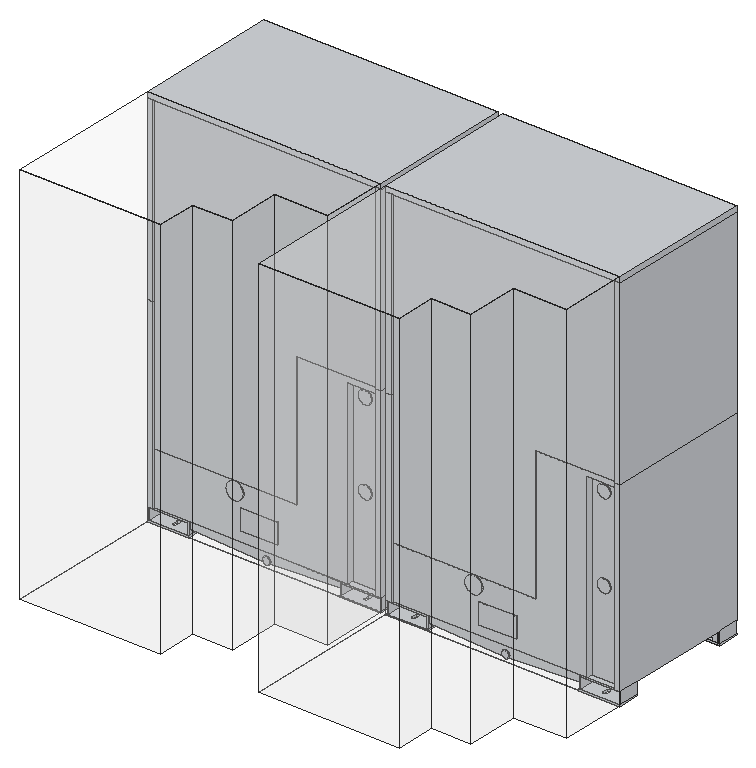
Revit family "pqry-p224_1000(s)dmg5_60Hz", category 機械設備, Revit 2019
Family settings
  丸型コネクタ寸法 = 直径を使用
  パーツ タイプ = 標準
  OmniClass 番号 = 23.75.10.24.21.27.27
  OmniClass タイトル = Split System Air Conditioning Units
  作業面ベース = いいえ
  常に垂直 = はい
  ロード時にボイドで切り取り = いいえ
  共有 = いいえ
  部屋計算ポイント = いいえ
Parameters (values of type "PQRY-P900SDMG5")
  音響パワーレベル(dB) = 70.5
  電源種別 = ""
  電源径 = 65.00 mm  # constant formula
  電圧 = 200 V
  電動機出力_送風機 = 0 kW
  電動機出力_圧縮機 = 20.4 kW
  集中コントローラ [instance] = ""
  運転質量 = 528.00 kg
  運転方法 = "冷暖切替"
  質量 = 0.00 kg
  負荷分類 = 1_熱源類
  説明 = "ビル用マルチエアコン 室外ユニット シティマルチWR2 Eeco"
  設計暖房能力 [instance] = 0 kW
  設計冷房能力_顕熱 [instance] = 0 kW
  設計冷房能力 [instance] = 0 kW
  設置方法 = "床置形"
  記号 [instance] = ""
  製造元 = "三菱電機株式会社"
  製品質量 = 508.00 kg
  製品出荷対象 = "国内"
  製品リリース年月 = "2017年8月1日"
  製品グループ = ""
  系統 [instance] = ""
  符号 = "EHP"
  積算_科目 = "1 空気調和設備"
  積算_拾い区分 [instance] = ""
  相 = 3
  盤記号 [instance] = ""
  発停方法 = "付属スイッチ"
  特殊仕様 [instance] = ""
  熱源水量 = 23.04 m³/h
  熱源水管径 = 40.00 mm
  熱源水入口温度_暖房 = 30
  熱源水入口温度_冷房 = 20
  消費電力_暖房 = 22.07 kW
  消費電力_冷房 = 21.07 kW
  消費電力 = if(消費電力_冷房 > 消費電力_暖房, 消費電力_冷房, 消費電力_暖房)  # 22.07 kW
  法定耐用年数 = "15"
  水配管出口径 = 水配管入口径  # 48.60 mm
  水配管入口径 = 48.60 mm  # constant formula
  水熱交換機器　保有水量 = 20
  機械基礎質量 [instance] = 0.00 kg
  機械基礎_W = 0.00 mm
  機械基礎_H = 0.00 mm
  機械基礎_D = 0.00 mm
  機械基礎 [instance] = no
  極数 = 3
  材質 [instance] = ""
  本体マテリアル = none
  最小電線太さ_mm2 = 60
  最大電流値 = 0 A
  暖房能力 = 100 kW
  損失水頭_熱源水一次側 = 90000.0 Pa
  推奨ブレーカー容量 = 0 A
  形式 = "マルチパッケージ形 室外機"
  冷媒液管径 = 28.58 mm
  冷媒ガス管径 = 31.75 mm
  ユニット2 = PQRY-P-DMG② : PQRY-P450DMG5
  幹線記号 [instance] = ""
  始動方式 = "直入"
  呼称 = "マルチパッケージ形空気調和機"
  周波数 = 60 Hz
  参照している仕様書等のバージョン = "公共建築工事標準仕様書（機械設備工事編）平成31年度版"
  分類コード = "50053003300020"
  分類グループ = ""
  冷房能力 = 90 kW
  冷媒管長 [instance] = 0.00 mm
  冷媒管径符号 = "Hi"
  冷媒管径 = 100.00 mm  # constant formula
  価格 = 0
  企業コード = "108420"
  付属品 [instance] = ""
  仕様書バージョン = "Version1.0"
  ユニット数 = 2
  ユニット2電源高さ = ユニット1電源高さ  # 216.00 mm
  ユニット2電源幅 = ユニット1電源幅  # 554.00 mm
  ユニット2ダクト左位置 = ユニット1ダクト左位置  # 393.00 mm
  ユニット2ダクト下位置 = ユニット1ダクト下位置  # 89.00 mm
  ユニット2水配管出口高さ = ユニット1水配管出口高さ  # 320.00 mm
  ユニット2水配管出口幅 = ユニット1水配管出口幅  # 82.00 mm
  ユニット2水配管入口高さ = ユニット1水配管入口高さ  # 367.00 mm
  ユニット2水配管入口幅 = ユニット1水配管入口幅  # 82.00 mm
  ユニット2冷媒高圧径 = 22.20 mm
  ユニット2冷媒管高さ = ユニット1冷媒管高さ  # 278.00 mm
  ユニット2冷媒管幅 = ユニット1冷媒管幅  # 467.50 mm
  ユニット2冷媒管奥行き = ユニット1冷媒管奥行き  # 84.00 mm
  ユニット2冷媒低圧径 = 28.58 mm
  ユニット2ドレン高さ = ユニット1ドレン高さ  # 23.00 mm
  ユニット2ドレン幅 = ユニット1ドレン幅  # 434.00 mm
  ユニット2表示 = yes
  ユニット1 = PQRY-P-DMG② : PQRY-P450DMG5
  ユニット1電源高さ = 216.00 mm
  ユニット1電源幅 = 554.00 mm
  ユニット1ダクト左位置 = 393.00 mm
  ユニット1ダクト下位置 = 89.00 mm  # constant formula
  ユニット1水配管出口高さ = 320.00 mm
  ユニット1水配管出口幅 = ユニット1水配管入口幅  # 82.00 mm
  ユニット1水配管入口高さ = 367.00 mm
  ユニット1水配管入口幅 = 82.00 mm
  ユニット1冷媒高圧径 = 22.20 mm
  ユニット1冷媒管高さ = 278.00 mm
  ユニット1冷媒管幅 = 467.50 mm
  ユニット1冷媒管奥行き = 84.00 mm
  ユニット1冷媒低圧径 = 28.58 mm
  ユニット1ドレン高さ = 23.00 mm  # constant formula
  ユニット1ドレン幅 = 434.00 mm
  モデル = "PQRY-P900SDMG5"
  ドレン管径 = 27.20 mm  # constant formula
  ダクト高 = 77 mm  # constant formula
  ダクト幅 = 140 mm  # constant formula
  サービススペース = yes
  ユニット間隔 = 20.00 mm  # constant formula
  コメント [instance] = ""
  Keynote = ""
  Width = 880.00 mm
  Version = ""
  Uniclass2015Version = "Systems v1.9"
  Uniclass2015Title = "Split coil remote air cooled condensing units"
  Uniclass2015Code = "Pr_70_65_03_84"
  URL = "https://www.mitsubishielectric.co.jp/ldg/wink/ssl/displayProduct.do?pid=281550"
  SpecificationReference = ""
  SpecificationDescription = ""
  Revision = ""
  ProductInformation = ""
  OmniClassCode = "23-33 17 13 11"
  MAX風量 = 0 m³/h
  IfcTypeProduct = ""
  IfcProduct = ""
  IfcExportType = "AIRCONDITIONINGUNIT"
  IfcExportAs = "IfcUnitaryEquipmentType"
  Height = 1450.00 mm
  Depth = 550.00 mm
  Clearance Top = 0.00 mm
  Clearance Right = 0.00 mm
  Clearance Left = 0.00 mm
  Clearance Front = 600.00 mm
  Clearance Back = 0.00 mm
  COP = 0
  Author = "三菱電機株式会社"
  APF = 0
Reference planes
  plane 1: z = 0
  plane 2: z = 1450
  plane 3: z = 1450
  plane 4 "中心(正面/背面)": y = 275
  plane 5 "中心(左/右)": x = 1340
  plane 6 "左": x = 0
  plane 7 "正面": y = 0
  plane 8 "背面": y = 550
  plane 9: x = 880
  plane 10: x = 900
  plane 11: x = 1780
  plane 12: y = -150
  plane 13: y = 550
  plane 14: y = -600
  plane 15: x = 0
  plane 16: x = 1780
  plane 17: x = 440
  plane 18: y = 5
  plane 19: y = 4
  plane 20: y = 29
  plane 21: y = 28
  plane 22: x = 1698
  plane 23: x = 798
  plane 24: z = 687
  plane 25: z = 367
  plane 26: z = 367
  plane 27: z = 687
  plane 28: x = 446
  plane 29: x = 1346
  plane 30: z = 23
  plane 31: z = 23
  plane 32: x = 326
  plane 33: x = 1226
  plane 34: z = 216
  plane 35: z = 216
  plane 36: x = 487
  plane 37: x = 347
  plane 38: x = 1387
  plane 39: x = 1247
  plane 40: z = 166
  plane 41: z = 89
  plane 42: z = 166
  plane 43: z = 89
  plane 44: x = 412.5
  plane 45: x = 1312.5
  plane 46: y = 84
  plane 47: y = 84
  plane 48: z = 278
  plane 49: z = 279
  plane 50: z = 278
  plane 51: z = 279
Forms (mm)
  Extrusion 1, solid, detail levels fine
    sketch origin (0, 275, 0) x (1, 0, 0) y (0, 0, 1)
      loop
        circle (798, 687) r 24.3
      loop
        circle (798, 367) r 24.3
    from 246 to 247
  Extrusion 2, solid, visible <- "ユニット2表示", detail levels fine
    sketch origin (0, 275, 0) x (1, 0, 0) y (0, 0, 1)
      loop
        circle (1698, 687) r 24.3
      loop
        circle (1698, 367) r 24.3
    from 246 to 247
  Extrusion 3, solid, detail levels fine
    sketch origin (0, 275, 0) x (1, 0, 0) y (0, 0, 1)
      loop
        circle (446, 23) r 13.6
    from 270 to 271
  Extrusion 4, solid, visible <- "ユニット2表示", detail levels fine
    sketch origin (0, 275, 0) x (1, 0, 0) y (0, 0, 1)
      loop
        circle (1346, 23) r 13.6
    from 270 to 271
  Extrusion 5, solid, visible <- "ユニット2表示", detail levels fine
    sketch origin (0, 275, 0) x (1, 0, 0) y (0, 0, 1)
      loop
        circle (1226, 216) r 32.5
    from 270 to 271
  Extrusion 6, solid, detail levels fine
    sketch origin (0, 275, 0) x (1, 0, 0) y (0, 0, 1)
      loop
        circle (326, 216) r 32.5
    from 270 to 271
  Extrusion 7, solid, visible <- "ユニット2表示", detail levels fine
    sketch origin (0, 275, 0) x (1, 0, 0) y (0, 0, 1)
      loop
        line (1247, 166) -> (1247, 89) -> (1387, 89) -> (1387, 166) -> (1247, 166)
    from 270 to 271
  Extrusion 8, solid, detail levels fine
    sketch origin (0, 275, 0) x (1, 0, 0) y (0, 0, 1)
      loop
        line (347, 89) -> (487, 89) -> (487, 166) -> (347, 166) -> (347, 89)
    from 270 to 271
  Extrusion 9, solid, detail levels fine
    sketch origin (0, 0, 0) x (1, 0, 0) y (0, 1, 0)
      loop
        circle (412.5, 84) r 50
    from 278 to 279
  Extrusion 10, solid, visible <- "ユニット2表示", detail levels fine
    sketch origin (0, 0, 0) x (1, 0, 0) y (0, 1, 0)
      loop
        circle (1312.5, 84) r 50
    from 278 to 279
Dimensions and locks
  "Clearance Top": plane 3 to plane 2
  equal spacing: plane 7 "正面", plane 4 "中心(正面/背面)", plane 8 "背面"
  "Width": plane 6 "左" to plane 9
  "Width": plane 10 to plane 11
  "ユニット間隔": plane 9 to plane 10
  "Clearance Back": plane 13 to plane 8 "背面"
  "Clearance Front": plane 14 to plane 7 "正面"
  "Clearance Left": plane 15 to plane 6 "左"
  "Depth": plane 7 "正面" to plane 8 "背面"
  equal spacing: plane 6 "左", plane 17, plane 9
  equal spacing: plane 10, plane 5 "中心(左/右)", plane 11
  "Clearance Right": plane 11 to plane 16
  "Height": plane 2 to level
  locked: plane 19 to plane 18 at 1
  locked: plane 7 "正面" to plane 18 at 5
  locked: plane 21 to plane 20 at 1
  locked: plane 7 "正面" to plane 20 at 29
  "ユニット2水配管入口幅": plane 11 to plane 22
  "ユニット1水配管入口幅": plane 9 to plane 23
  "ユニット1水配管入口高さ": plane 25 to plane 1
  "ユニット1水配管出口高さ": plane 24 to plane 25
  "ユニット2水配管入口高さ": plane 26 to plane 1
  "ユニット2水配管出口高さ": plane 27 to plane 26
  "ユニット2ドレン高さ": plane 30 to plane 1
  "ユニット1ドレン幅": plane 9 to plane 28
  "ユニット2ドレン幅": plane 11 to plane 29
  "ユニット1ドレン高さ": plane 31 to plane 1
  "ユニット1電源高さ": plane 35 to plane 1
  "ユニット1電源幅": plane 9 to plane 32
  "ユニット2電源高さ": plane 34 to plane 1
  "ユニット2電源幅": plane 11 to plane 33
  "ユニット1ダクト左位置": plane 9 to plane 36
  "ダクト幅": plane 36 to plane 37
  "ユニット2ダクト左位置": plane 11 to plane 38
  "ダクト幅": plane 38 to plane 39
  "ユニット1ダクト下位置": plane 41 to plane 1
  "ダクト高": plane 42 to plane 43
  "ユニット2ダクト下位置": plane 43 to plane 1
  "ダクト高": plane 40 to plane 41
  "ユニット1冷媒管奥行き": plane 7 "正面" to plane 46
  "ユニット2冷媒管奥行き": plane 7 "正面" to plane 47
  "ユニット1冷媒管幅": plane 9 to plane 44
  "ユニット2冷媒管幅": plane 11 to plane 45
  locked: plane 49 to plane 48 at 1
  locked: plane 51 to plane 50 at 1
  "ユニット1冷媒管高さ": plane 48 to plane 1
  "ユニット2冷媒管高さ": plane 50 to plane 1
  "水配管出口径": diameter of Extrusion 1 sketch curve
  "水配管入口径": diameter of Extrusion 1 sketch curve
  "水配管出口径": diameter of Extrusion 2 sketch curve
  "水配管入口径": diameter of Extrusion 2 sketch curve
  "ドレン管径": diameter of Extrusion 3 sketch curve
  "ドレン管径": diameter of Extrusion 4 sketch curve
  "電源径": diameter of Extrusion 6 sketch curve
  "電源径": diameter of Extrusion 5 sketch curve
  "冷媒管径": diameter of Extrusion 9 sketch curve
  "冷媒管径": diameter of Extrusion 10 sketch curve
  aligned and locked: level to plane 1
  aligned and locked: nested 1 to plane 14
  aligned and locked: plane 15 to nested 1
  aligned and locked: plane 1 to nested 1
  aligned and locked: plane 3 to nested 1
  aligned and locked: plane 17 to nested 3
  aligned and locked: plane 5 "中心(左/右)" to nested 2
  aligned and locked: plane 4 "中心(正面/背面)" to nested 3
  aligned and locked: plane 4 "中心(正面/背面)" to nested 2
  aligned and locked: plane 7 "正面" to nested 1
  aligned and locked: plane 9 to nested 1
  aligned and locked: plane 10 to nested 4
  aligned and locked: nested 4 to plane 14
  aligned and locked: plane 16 to nested 4
  aligned and locked: plane 7 "正面" to nested 4
  aligned and locked: plane 3 to nested 4
  aligned and locked: plane 24 to Extrusion 1 sketch curve
  aligned and locked: plane 25 to Extrusion 1 sketch curve
  aligned and locked: plane 23 to Extrusion 1 sketch curve  (x2)
  aligned and locked: Extrusion 1 to plane 20
  aligned and locked: plane 21 to Extrusion 1
  aligned and locked: plane 27 to Extrusion 2 sketch curve
  aligned and locked: plane 22 to Extrusion 2 sketch curve  (x2)
  aligned and locked: plane 26 to Extrusion 2 sketch curve
  aligned and locked: Extrusion 2 to plane 20
  aligned and locked: plane 21 to Extrusion 2
  aligned and locked: plane 28 to Extrusion 3 sketch curve
  aligned and locked: plane 30 to Extrusion 4 sketch curve
  aligned and locked: plane 29 to Extrusion 4 sketch curve
  aligned and locked: Extrusion 4 to plane 18
  aligned and locked: plane 19 to Extrusion 4
  aligned and locked: plane 18 to Extrusion 3
  aligned and locked: plane 19 to Extrusion 3
  aligned and locked: plane 31 to Extrusion 3 sketch curve
  aligned and locked: plane 35 to Extrusion 6 sketch curve
  aligned and locked: plane 32 to Extrusion 6 sketch curve
  aligned and locked: plane 34 to Extrusion 5 sketch curve
  aligned and locked: plane 33 to Extrusion 5 sketch curve
  aligned and locked: Extrusion 6 to plane 18
  aligned and locked: plane 19 to Extrusion 6
  aligned and locked: Extrusion 5 to plane 18
  aligned and locked: plane 19 to Extrusion 5
  aligned and locked: Extrusion 7 sketch curve to plane 42
  aligned and locked: plane 39 to Extrusion 7 sketch curve
  aligned and locked: plane 43 to Extrusion 7 sketch curve
  aligned and locked: Extrusion 7 sketch curve to plane 38
  aligned and locked: Extrusion 7 to plane 18
  aligned and locked: plane 19 to Extrusion 7
  aligned and locked: Extrusion 8 sketch curve to plane 41
  aligned and locked: plane 37 to Extrusion 8 sketch curve
  aligned and locked: plane 40 to Extrusion 8 sketch curve
  aligned and locked: Extrusion 8 sketch curve to plane 36
  aligned and locked: Extrusion 8 to plane 18
  aligned and locked: plane 19 to Extrusion 8
  aligned and locked: plane 46 to Extrusion 9 sketch curve
  aligned and locked: plane 44 to Extrusion 9 sketch curve
  aligned and locked: plane 47 to Extrusion 10 sketch curve
  aligned and locked: plane 45 to Extrusion 10 sketch curve
  aligned and locked: plane 51 to Extrusion 10
  aligned and locked: Extrusion 10 to plane 50
  aligned and locked: plane 49 to Extrusion 9
  aligned and locked: Extrusion 9 to plane 48
Nested families
  nested 1: "サービススペース(pqry-p)" at (440, -300, 725), type "サービススペース(pqry-p)"
    with 表示 yes, Width 880.00 mm, Height 1450.00 mm, Depth 600.00 mm
  nested 2: "PQRY-P-DMG②" at (1340, 275, 0), type <- "ユニット2", ⑥水配管-径 <- "水配管入口径", ⑥水配管-H <- "ユニット2水配管入口高さ", ⑥水配管-W <- "ユニット2水配管出口幅", ⑦水配管-H <- "ユニット2水配管出口高さ", マテリアル1 <- "本体マテリアル", ⑧ドレン-H <- "ユニット2ドレン高さ", ⑧ドレン-W <- "ユニット2ドレン幅", ⑧ドレン-径 <- "ドレン管径", ①-H <- "ユニット2ダクト下位置", ①-W <- "ユニット2ダクト左位置", ①配管用-H <- "ダクト高", ①配管用-W <- "ダクト幅", ③電源-H <- "ユニット2電源高さ", ③電源-W <- "ユニット2電源幅", ③電源-径 <- "電源径", 圧-径 <- "冷媒管径", 低圧-D <- "ユニット2冷媒管奥行き", 低圧-H <- "ユニット2冷媒管高さ", 低圧-径 <- "ユニット2冷媒低圧径", 高圧-D <- "ユニット2冷媒管奥行き", 高圧-H <- "ユニット2冷媒管高さ", 高圧-径 <- "ユニット2冷媒高圧径", ユニット表示 <- "ユニット2表示", type "PQRY-P450DMG5"
    with 高圧-径 22.20 mm, 高圧-W 83.00 mm, 高圧-H 278.00 mm, 高圧-D 84.00 mm, 高 1450.00 mm, 幅 880.00 mm, 奥行 550.00 mm, 圧-径 100.00 mm, 吊りボルト-径 14.00 mm, 吊りボルト-W 721.00 mm, 吊りボルト-D 473.00 mm, 低圧-径 28.58 mm, 低圧-W 426.00 mm, 低圧-H 278.00 mm, 低圧-D 84.00 mm, ユニット表示 yes, マテリアル2 none, マテリアル1 none, ⑧ドレン-径 27.20 mm, ⑧ドレン-W 434.00 mm, ⑧ドレン-H 23.00 mm, ⑦水配管-径 48.60 mm, ⑦水配管-W 82.00 mm, ⑦水配管-H 320.00 mm, ⑥水配管-径 48.60 mm, ⑥水配管-W 82.00 mm, ⑥水配管-H 367.00 mm, ③電源-径 65.00 mm, ③電源-W 554.00 mm, ③電源-H 216.00 mm, ①配管用-W 140.00 mm, ①配管用-H 77.00 mm, ①-W 393.00 mm, ①-H 89.00 mm
  nested 3: "PQRY-P-DMG②" at (440, 275, 0), type <- "ユニット1", ⑥水配管-径 <- "水配管入口径", ⑧ドレン-H <- "ユニット1ドレン高さ", ⑧ドレン-W <- "ユニット1ドレン幅", ⑧ドレン-径 <- "ドレン管径", ⑥水配管-H <- "ユニット1水配管入口高さ", ⑥水配管-W <- "ユニット1水配管入口幅", ⑦水配管-H <- "ユニット1水配管出口高さ", ①-H <- "ユニット1ダクト下位置", ①-W <- "ユニット1ダクト左位置", ①配管用-H <- "ダクト高", ①配管用-W <- "ダクト幅", ③電源-H <- "ユニット1電源高さ", ③電源-W <- "ユニット1電源幅", ③電源-径 <- "電源径", 圧-径 <- "冷媒管径", 低圧-D <- "ユニット1冷媒管奥行き", 低圧-H <- "ユニット1冷媒管高さ", 低圧-径 <- "ユニット1冷媒低圧径", 高圧-D <- "ユニット1冷媒管奥行き", 高圧-H <- "ユニット1冷媒管高さ", 高圧-径 <- "ユニット1冷媒高圧径", マテリアル1 <- "本体マテリアル", type "PQRY-P450DMG5"
    with 高圧-径 22.20 mm, 高圧-W 83.00 mm, 高圧-H 278.00 mm, 高圧-D 84.00 mm, 高 1450.00 mm, 幅 880.00 mm, 奥行 550.00 mm, 圧-径 100.00 mm, 吊りボルト-径 14.00 mm, 吊りボルト-W 721.00 mm, 吊りボルト-D 473.00 mm, 低圧-径 28.58 mm, 低圧-W 426.00 mm, 低圧-H 278.00 mm, 低圧-D 84.00 mm, ユニット表示 yes, マテリアル2 none, マテリアル1 none, ⑧ドレン-径 27.20 mm, ⑧ドレン-W 434.00 mm, ⑧ドレン-H 23.00 mm, ⑦水配管-径 48.60 mm, ⑦水配管-W 82.00 mm, ⑦水配管-H 320.00 mm, ⑥水配管-径 48.60 mm, ⑥水配管-W 82.00 mm, ⑥水配管-H 367.00 mm, ③電源-径 65.00 mm, ③電源-W 554.00 mm, ③電源-H 216.00 mm, ①配管用-W 140.00 mm, ①配管用-H 77.00 mm, ①-W 393.00 mm, ①-H 89.00 mm
  nested 4: "サービススペース(pqry-p)" at (1340, -300, 725), 表示 <- "ユニット2表示", type "サービススペース(pqry-p)"
    with 表示 yes, Width 880.00 mm, Height 1450.00 mm, Depth 600.00 mm
Connectors
  piping at (1312.5, 84, 278), diameter 100, driven by "冷媒管径", driven by "冷媒管径符号"
    settings: on Extrusion 10, index 1, connector inside diameter 609.60 mm, connector length 0.00 mm, flow factor 0, pipe flow 0.0 m³/h, pressure drop 0.0 Pa, fitting loss kfactor 0, connector angle 0.00°, fixture units 0, engagement length 0.00 mm, angle of deflection 0.00°, flow configuration 1, flow direction 2, fitting loss method 4, system type 7, joint type 0, gender type 0, connector reference index -1, connector utility 0, adjustable connector no, is connector primary yes, connector description "Hi"
  piping at (412.5, 84, 278), diameter 100, driven by "冷媒管径", driven by "冷媒管径符号"
    settings: on Extrusion 9, index 2, connector inside diameter 609.60 mm, connector length 0.00 mm, flow factor 0, pipe flow 0.0 m³/h, pressure drop 0.0 Pa, fitting loss kfactor 0, connector angle 0.00°, fixture units 0, engagement length 0.00 mm, angle of deflection 0.00°, flow configuration 1, flow direction 2, fitting loss method 4, system type 7, joint type 0, gender type 0, connector reference index -1, connector utility 0, adjustable connector no, is connector primary no, connector description "Hi"
  electrical at (1226, 4, 216), driven by "極数", driven by "負荷分類", driven by "電圧", driven by "消費電力"
    settings: on Extrusion 5, index 3, voltage 200 V, apparent load 22070 VA, apparent load phase1 0 VA, apparent load phase2 0 VA, apparent load phase3 0 VA, power factor 1, load classification "1_熱源類", number of poles 3, system type 30, power factor state 1, is connector primary yes, connector utility no, sub classification motor no, connector description ""
  electrical at (326, 4, 216), driven by "極数", driven by "負荷分類", driven by "電圧", driven by "消費電力"
    settings: on Extrusion 6, index 4, voltage 200 V, apparent load 22070 VA, apparent load phase1 0 VA, apparent load phase2 0 VA, apparent load phase3 0 VA, power factor 1, load classification "1_熱源類", number of poles 3, system type 30, power factor state 1, is connector primary no, connector utility no, sub classification motor no, connector description ""
  hvac at (1317, 4, 127.5), driven by "ダクト高", driven by "ダクト幅"
    settings: on Extrusion 7, index 5, duct flow 0 m³/h, flow factor 0, pres drop 0.0 Pa, loss coef 0, conn angle 0.00°, conn width 140 mm, conn height 77 mm, conn diameter 609.6 mm, duct sys type 3, conn prof type 1, flow config 1, flow direction 2, loss method 0, conn ref index -1, conn util no, is conn primary yes, conn desc ""
  hvac at (417, 4, 127.5), driven by "ダクト高", driven by "ダクト幅"
    settings: on Extrusion 8, index 6, duct flow 0 m³/h, flow factor 0, pres drop 0.0 Pa, loss coef 0, conn angle 0.00°, conn width 140 mm, conn height 77 mm, conn diameter 609.6 mm, duct sys type 3, conn prof type 1, flow config 1, flow direction 2, loss method 0, conn ref index -1, conn util no, is conn primary no, conn desc ""
  piping at (1346, 4, 23), diameter 27.2, driven by "ドレン管径"
    settings: on Extrusion 4, index 7, connector inside diameter 609.60 mm, connector length 0.00 mm, flow factor 0, pipe flow 0.0 m³/h, pressure drop 0.0 Pa, fitting loss kfactor 0, connector angle 0.00°, fixture units 0, engagement length 0.00 mm, angle of deflection 0.00°, flow configuration 1, flow direction 2, fitting loss method 4, system type 16, joint type 0, gender type 0, connector reference index -1, connector utility 0, adjustable connector no, is connector primary no, connector description ""
  piping at (446, 4, 23), diameter 27.2, driven by "ドレン管径"
    settings: on Extrusion 3, index 8, connector inside diameter 609.60 mm, connector length 0.00 mm, flow factor 0, pipe flow 0.0 m³/h, pressure drop 0.0 Pa, fitting loss kfactor 0, connector angle 0.00°, fixture units 0, engagement length 0.00 mm, angle of deflection 0.00°, flow configuration 1, flow direction 2, fitting loss method 4, system type 16, joint type 0, gender type 0, connector reference index -1, connector utility 0, adjustable connector no, is connector primary no, connector description ""
  piping at (1698, 28, 687), diameter 48.6, driven by "水配管出口径", driven by "MAX風量", driven by "損失水頭_熱源水一次側"
    settings: on nested 2, index 9, connector inside diameter 609.60 mm, connector length 0.00 mm, flow factor 0, pipe flow 0.0 m³/h, pressure drop 90000.0 Pa, fitting loss kfactor 0, connector angle 0.00°, fixture units 0, engagement length 0.00 mm, angle of deflection 0.00°, flow configuration 1, flow direction 2, fitting loss method 4, system type 7, joint type 0, gender type 0, connector reference index -1, connector utility 0, adjustable connector no, is connector primary no, connector description ""
  piping at (1698, 28, 367), diameter 48.6, driven by "水配管入口径", driven by "MAX風量", driven by "損失水頭_熱源水一次側"
    settings: on nested 2, index 10, connector inside diameter 609.60 mm, connector length 0.00 mm, flow factor 0, pipe flow 0.0 m³/h, pressure drop 90000.0 Pa, fitting loss kfactor 0, connector angle 0.00°, fixture units 0, engagement length 0.00 mm, angle of deflection 0.00°, flow configuration 1, flow direction 1, fitting loss method 4, system type 8, joint type 0, gender type 0, connector reference index -1, connector utility 0, adjustable connector no, is connector primary no, connector description ""
  piping at (798, 28, 687), diameter 48.6, driven by "水配管出口径", driven by "MAX風量", driven by "損失水頭_熱源水一次側"
    settings: on nested 3, index 11, connector inside diameter 609.60 mm, connector length 0.00 mm, flow factor 0, pipe flow 0.0 m³/h, pressure drop 90000.0 Pa, fitting loss kfactor 0, connector angle 0.00°, fixture units 0, engagement length 0.00 mm, angle of deflection 0.00°, flow configuration 1, flow direction 2, fitting loss method 4, system type 7, joint type 0, gender type 0, connector reference index -1, connector utility 0, adjustable connector no, is connector primary no, connector description ""
  piping at (798, 28, 367), diameter 48.6, driven by "水配管入口径", driven by "MAX風量", driven by "損失水頭_熱源水一次側"
    settings: on nested 3, index 12, connector inside diameter 609.60 mm, connector length 0.00 mm, flow factor 0, pipe flow 0.0 m³/h, pressure drop 90000.0 Pa, fitting loss kfactor 0, connector angle 0.00°, fixture units 0, engagement length 0.00 mm, angle of deflection 0.00°, flow configuration 1, flow direction 1, fitting loss method 4, system type 8, joint type 0, gender type 0, connector reference index -1, connector utility 0, adjustable connector no, is connector primary no, connector description ""
Definition of nested family "サービススペース(pqry-p)"
  Parameters (values of type "サービススペース")
    表示 [instance] = yes
    Width [instance] = 880.00 mm
    Height [instance] = 500.00 mm
    Depth [instance] = 600.00 mm
  Reference planes
    plane 1 "中心(正面/背面)": y = 0
    plane 2: z = 0
    plane 3 "中心(左/右)": x = 0
    plane 4: y = -300
    plane 5: x = 440
    plane 6: y = 300
    plane 7: x = -440
    plane 8: z = 250
    plane 9: z = -250
    plane 10: y = 50
    plane 11: y = -150
    plane 12: x = 240
    plane 13: x = 90
  Forms (mm)
    Extrusion 1, solid, visible <- "表示"
      sketch origin (-638.939, 0, 72.39) x (1, 0, 0) y (0, 1, 0)
        loop
          line (198.939, 300) -> (198.939, -300) -> (728.939, -300) -> (728.939, -150) -> (878.939, -150) -> (878.939, 50) -> (1078.939, 50) -> (1078.939, 300) -> (198.939, 300)
      from -322.39 to 177.61
  Lines and regions (mm)
    symbolic lines
      curve 1: line (-440, 0, 250) -> (440, 0, 250)
      curve 2: line (-440, 0, -250) -> (-440, 0, 250)
      curve 3: line (440, 0, -250) -> (-440, 0, -250)
      curve 4: line (440, 0, 250) -> (440, 0, -250)
      curve 5: line (0, -300, 250) -> (0, 300, 250)
      curve 6: line (0, -300, -250) -> (0, -300, 250)
      curve 7: line (0, 300, -250) -> (0, -300, -250)
      curve 8: line (0, 300, 250) -> (0, 300, -250)
    symbolic lines, visible <- "表示"
      curve 9: line (-440, 300, 0) -> (440, 300, 0)
      curve 10: line (-440, -300, 0) -> (-440, 300, 0)
      curve 11: line (90, -300, 0) -> (-440, -300, 0)
      curve 12: line (440, 300, 0) -> (440, 50, 0)
      curve 13: line (240, 50, 0) -> (440, 50, 0)
      curve 14: line (240, -150, 0) -> (240, 50, 0)
      curve 15: line (90, -150, 0) -> (240, -150, 0)
      curve 16: line (90, -300, 0) -> (90, -150, 0)
  Dimensions and locks
    equal spacing: plane 7, plane 3 "中心(左/右)", plane 5
    equal spacing: plane 4, plane 1 "中心(正面/背面)", plane 6
    "Depth": plane 4 to plane 6
    "Width": plane 7 to plane 5
    equal spacing: plane 8, plane 2, plane 9
    "Height": plane 8 to plane 9
    locked: plane 10 to plane 6 at 250
    locked: plane 11 to plane 6 at 450
    locked: plane 12 to plane 5 at 200
    locked: plane 13 to plane 5 at 350
    aligned and locked: plane 9 to curve 3
    aligned and locked: plane 7 to curve 2
    aligned and locked: curve 4 to plane 5
    aligned and locked: plane 5 to Extrusion 1
    aligned and locked: Extrusion 1 to plane 7
    aligned and locked: Extrusion 1 to plane 9
    aligned and locked: plane 8 to Extrusion 1
    aligned and locked: plane 9 to curve 7
    aligned and locked: Extrusion 1 sketch curve to plane 10
    aligned and locked: Extrusion 1 sketch curve to plane 12
    aligned and locked: Extrusion 1 sketch curve to plane 13
    aligned and locked: Extrusion 1 sketch curve to plane 11
    aligned and locked: curve 13 to Extrusion 1
    aligned and locked: curve 14 to Extrusion 1
    aligned and locked: curve 15 to Extrusion 1
    aligned and locked: curve 16 to Extrusion 1
  Automatic sketch dimensions
    plane 4 to Extrusion 1 sketch curve = 0.00 mm
    Extrusion 1 sketch curve to plane 7 = 0.00 mm
    plane 6 to Extrusion 1 sketch curve = 0.00 mm
    curve 2 to plane 8 = 0.00 mm
    plane 4 to curve 11 = 0.00 mm
    curve 11 to plane 7 = 0.00 mm
    plane 6 to curve 10 = 0.00 mm
    curve 7 to plane 4 = 0.00 mm
    curve 7 to plane 6 = 0.00 mm
    curve 6 to plane 8 = 0.00 mm
    Extrusion 1 sketch curve to plane 5 = 0.00 mm
    curve 12 to plane 5 = 0.00 mm
Definition of nested family "PQRY-P-DMG②"
  Parameters (values of type "PQRY-P355KDMG5")
    高圧-径 [instance] = 19.05 mm
    高圧-W [instance] = 83.00 mm
    高圧-H [instance] = 185.00 mm
    高圧-D [instance] = 91.00 mm
    高 [instance] = 1450.00 mm
    圧-径 [instance] = 100.00 mm
    ⑦水配管-径 [instance] = [⑥水配管-径]  # 52.00 mm
    ⑦水配管-W [instance] = [⑥水配管-W]  # 82.00 mm
    ⑦水配管-H [instance] = 320.00 mm
    ⑥水配管-径 [instance] = 52.00 mm
    ⑥水配管-W [instance] = 82.00 mm
    ⑥水配管-H [instance] = 367.00 mm
    ③電源-径 [instance] = 65.00 mm
    ③電源-W [instance] = 554.00 mm
    ③電源-H [instance] = 216.00 mm
    ユニット表示 [instance] = yes
    幅 [instance] = 880.00 mm
    奥行 [instance] = 550.00 mm
    吊りボルト-径 [instance] = 14.00 mm
    吊りボルト-W [instance] = 721.00 mm
    吊りボルト-D [instance] = 473.00 mm
    低圧-径 [instance] = 25.40 mm
    低圧-W [instance] = 426.00 mm
    低圧-H [instance] = 185.00 mm
    低圧-D [instance] = 91.00 mm
    マテリアル2 [instance] = none
    マテリアル1 [instance] = none
    ⑧ドレン-径 [instance] = 26.00 mm
    ⑧ドレン-W [instance] = 434.00 mm
    ⑧ドレン-H [instance] = 23.00 mm
    ①配管用-W [instance] = 140.00 mm
    ①配管用-H [instance] = 77.00 mm
    ①-W [instance] = 393.00 mm
    ①-H [instance] = 89.00 mm
  Types (8): name
    (no name)
    PQRY-P355KDMG5
    PQRY-P400DMG5
    PQRY-P450DMG5
    PQRY-P500DMG5
    PQRY-P560DMG5
    PQRY-P630DMG5
    PQRY-P670DMG5
  Reference planes
    plane 1 "中心(正面/背面)": y = 0
    plane 2: z = 0
    plane 3 "中心(左/右)": x = 0
    plane 4: x = 440
    plane 5: x = -440
    plane 6: y = 275
    plane 7: y = -275
    plane 8: z = 1450
    plane 9: z = 250
    plane 10: z = 750
    plane 11: z = 1430
    plane 12: x = 420
    plane 13: x = -420
    plane 14: x = 290
    plane 15: z = 50
    plane 16: y = -246
    plane 17: y = 270
    plane 18: y = -270
    plane 19: y = 236.5
    plane 20: y = -236.5
    plane 21: x = 360.5
    plane 22: x = -360.5
    plane 23: y = 195
    plane 24: y = -195
    plane 25: x = -285
    plane 26: x = 285
    plane 27: z = 23
    plane 28: x = 6
    plane 29: x = -114
    plane 30: z = 216
    plane 31: y = -184
    plane 32: x = 14
    plane 33: x = -69
    plane 34: z = 185
    plane 35: z = 285
    plane 36: y = -247
    plane 37: y = -271
    plane 38: y = -274
    plane 39: y = 271
    plane 40: z = 367
    plane 41: z = 687
    plane 42: x = 358
    plane 43: x = 19
    plane 44: x = 47
    plane 45: x = -93
    plane 46: z = 216
    plane 47: z = 89
    plane 48: z = 166
    plane 49: x = -27.5
  Forms (mm)
    Extrusion 1, solid, material <- "マテリアル2", visible <- "ユニット表示", detail levels fine
      sketch origin (0, 0, 0) x (1, 0, 0) y (0, 1, 0)
        loop
          line (-440, 275) -> (-440, -275) -> (-420, -275) -> (-420, 275) -> (-440, 275)
        loop
          line (420, 275) -> (420, -275) -> (440, -275) -> (440, 275) -> (420, 275)
      from 50 to 750
    Extrusion 2, solid, material <- "マテリアル2", visible <- "ユニット表示", detail levels fine
      sketch origin (0, 0, 0) x (1, 0, 0) y (0, 1, 0)
        loop
          line (-420, -270) -> (290, -270) -> (290, 0) -> (420, 0) -> (420, 195) -> (-420, 195) -> (-420, -270)
      from 50 to 250
    Extrusion 3, solid, material <- "マテリアル2", visible <- "ユニット表示", detail levels fine
      sketch origin (0, 0, 0) x (1, 0, 0) y (0, 0, 1)
        loop
          line (420, 50) -> (420, 730) -> (310, 730) -> (310, 50) -> (420, 50)
      from 0 to 246
    Extrusion 4, solid, material <- "マテリアル1", visible <- "ユニット表示", detail levels fine
      sketch origin (-1437.329, -1524, 250) x (-1, 0, 0) y (0, -1, 0)
        loop
          line (-1017.329, -1719) -> (-1017.329, -1254) -> (-1557.329, -1254) -> (-1557.329, -1524) -> (-1857.329, -1524) -> (-1857.329, -1719) -> (-1017.329, -1719)
      from 0 to 500
    Extrusion 5, solid, material <- "マテリアル1", visible <- "ユニット表示", detail levels fine
      sketch origin (-1437.329, -1524, 250) x (-1, 0, 0) y (0, -1, 0)
        loop
          line (-1857.329, -1799) -> (-1857.329, -1249) -> (-1877.329, -1249) -> (-1877.329, -1799) -> (-1857.329, -1799)
        loop
          line (-997.329, -1799) -> (-997.329, -1249) -> (-1017.329, -1249) -> (-1017.329, -1799) -> (-997.329, -1799)
      from 500 to 1180
    Extrusion 6, solid, material <- "マテリアル1", visible <- "ユニット表示", detail levels fine
      sketch origin (-1437.329, -1524, 250) x (-1, 0, 0) y (0, -1, 0)
        loop
          line (-1017.329, -1719) -> (-1017.329, -1254) -> (-1857.329, -1254) -> (-1857.329, -1719) -> (-1017.329, -1719)
      from 500 to 1180
    Extrusion 7, solid, material <- "マテリアル2", visible <- "ユニット表示", detail levels fine
      sketch origin (0, 0, 0) x (1, 0, 0) y (0, 0, 1)
        loop
          line (290, 750) -> (290, 50) -> (310, 50) -> (310, 730) -> (420, 730) -> (420, 750) -> (290, 750)
      from 0 to 270
    Extrusion 8, solid, material <- "マテリアル1", visible <- "ユニット表示", detail levels fine
      sketch origin (-1437.329, -1524, 250) x (-1, 0, 0) y (0, -1, 0)
        loop
          line (-997.329, -1799) -> (-997.329, -1249) -> (-1877.329, -1249) -> (-1877.329, -1799) -> (-997.329, -1799)
      from 1180 to 1200
    Extrusion 9, solid, material <- "マテリアル2", visible <- "ユニット表示", detail levels fine
      sketch origin (0, 0, 0) x (1, 0, 0) y (0, 1, 0)
        loop
          line (-440, 275) -> (-440, 195) -> (-285, 195) -> (-285, 275) -> (-440, 275)
        loop
          line (440, 275) -> (285, 275) -> (285, 195) -> (440, 195) -> (440, 275)
        loop
          line (285, -195) -> (285, -275) -> (440, -275) -> (440, -195) -> (285, -195)
        loop
          line (-440, -195) -> (-440, -275) -> (-285, -275) -> (-285, -195) -> (-440, -195)
        loop
          arc (-353.5, 245) -> (-360.5, 252) -> (-367.5, 245) r 7
          line (-367.5, 245) -> (-367.5, 228)
          arc (-367.5, 228) -> (-360.5, 221) -> (-353.5, 228) r 7
          line (-353.5, 228) -> (-353.5, 245)
        loop
          line (353.5, 245) -> (353.5, 228)
          arc (353.5, 228) -> (360.5, 221) -> (367.5, 228) r 7
          line (367.5, 228) -> (367.5, 245)
          arc (367.5, 245) -> (360.5, 252) -> (353.5, 245) r 7
        loop
          arc (353.5, -245) -> (360.5, -252) -> (367.5, -245) r 7
          line (367.5, -245) -> (367.5, -228)
          arc (367.5, -228) -> (360.5, -221) -> (353.5, -228) r 7
          line (353.5, -228) -> (353.5, -245)
        loop
          line (-353.5, -245) -> (-353.5, -228)
          arc (-353.5, -228) -> (-360.5, -221) -> (-367.5, -228) r 7
          line (-367.5, -228) -> (-367.5, -245)
          arc (-367.5, -245) -> (-360.5, -252) -> (-353.5, -245) r 7
      from 0 to 5
    Extrusion 10, solid, material <- "マテリアル2", visible <- "ユニット表示", detail levels fine
      sketch origin (0, 0, 0) x (1, 0, 0) y (0, 0, 1)
        loop
          line (285, 50) -> (285, 5) -> (290, 5) -> (290, 45) -> (435, 45) -> (435, 5) -> (440, 5) -> (440, 50) -> (285, 50)
      from 195 to 270
    Extrusion 11, solid, material <- "マテリアル2", visible <- "ユニット表示", detail levels fine
      sketch origin (0, 0, 0) x (1, 0, 0) y (0, 0, 1)
        loop
          line (290, 45) -> (290, 5) -> (310, 5) -> (310, 10)
          arc (310, 10) -> (314.393, 20.607) -> (325, 25) r 15
          line (325, 25) -> (400, 25)
          arc (400, 25) -> (410.607, 20.607) -> (415, 10) r 15
          line (415, 10) -> (415, 5) -> (435, 5) -> (435, 45) -> (290, 45)
      from 195 to 200
    Extrusion 12, solid, material <- "マテリアル2", visible <- "ユニット表示", detail levels fine
      sketch origin (0, 0, 0) x (1, 0, 0) y (0, 0, -1)
        loop
          line (285, -50) -> (440, -50) -> (440, -5) -> (435, -5) -> (435, -45) -> (290, -45) -> (290, -5) -> (285, -5) -> (285, -50)
      from 195 to 270
    Extrusion 13, solid, material <- "マテリアル2", visible <- "ユニット表示", detail levels fine
      sketch origin (0, 0, 0) x (1, 0, 0) y (0, 0, -1)
        loop
          line (290, -45) -> (435, -45) -> (435, -5) -> (415, -5) -> (415, -10)
          arc (415, -10) -> (410.607, -20.607) -> (400, -25) r 15
          line (400, -25) -> (325, -25)
          arc (325, -25) -> (314.393, -20.607) -> (310, -10) r 15
          line (310, -10) -> (310, -5) -> (290, -5) -> (290, -45)
      from 195 to 200
    Extrusion 14, solid, material <- "マテリアル2", visible <- "ユニット表示", detail levels fine
      sketch origin (0, 0, 0) x (-1, 0, 0) y (0, 0, 1)
        loop
          line (285, 50) -> (285, 5) -> (290, 5) -> (290, 45) -> (435, 45) -> (435, 5) -> (440, 5) -> (440, 50) -> (285, 50)
      from 195 to 270
    Extrusion 15, solid, material <- "マテリアル2", visible <- "ユニット表示", detail levels fine
      sketch origin (0, 0, 0) x (-1, 0, 0) y (0, 0, 1)
        loop
          line (290, 45) -> (290, 5) -> (310, 5) -> (310, 10)
          arc (310, 10) -> (314.393, 20.607) -> (325, 25) r 15
          line (325, 25) -> (400, 25)
          arc (400, 25) -> (410.607, 20.607) -> (415, 10) r 15
          line (415, 10) -> (415, 5) -> (435, 5) -> (435, 45) -> (290, 45)
      from 195 to 200
    Extrusion 16, solid, material <- "マテリアル2", visible <- "ユニット表示", detail levels fine
      sketch origin (0, 0, 0) x (-1, 0, 0) y (0, 0, -1)
        loop
          line (285, -50) -> (440, -50) -> (440, -5) -> (435, -5) -> (435, -45) -> (290, -45) -> (290, -5) -> (285, -5) -> (285, -50)
      from 195 to 270
    Extrusion 17, solid, material <- "マテリアル2", visible <- "ユニット表示", detail levels fine
      sketch origin (0, 0, 0) x (-1, 0, 0) y (0, 0, -1)
        loop
          line (290, -45) -> (435, -45) -> (435, -5) -> (415, -5) -> (415, -10)
          arc (415, -10) -> (410.607, -20.607) -> (400, -25) r 15
          line (400, -25) -> (325, -25)
          arc (325, -25) -> (314.393, -20.607) -> (310, -10) r 15
          line (310, -10) -> (310, -5) -> (290, -5) -> (290, -45)
      from 195 to 200
    Extrusion 18, solid, material <- "マテリアル1", visible <- "ユニット表示", detail levels fine
      sketch origin (0, 0, 0) x (1, 0, 0) y (0, 0, 1)
        loop
          circle (6, 23) r 13
      from -271 to 271
    Extrusion 19, solid, material <- "マテリアル2", visible <- "ユニット表示", detail levels fine
      sketch origin (0, 0, 0) x (1, 0, 0) y (0, 0, 1)
        loop
          line (-285, 50) -> (-285, 27.5) -> (-6.031, 14.041)
          arc (-6.031, 14.041) -> (6.367, 8.004) -> (18.455, 14.64) r 15
          line (18.455, 14.64) -> (285, 27.5) -> (285, 50) -> (-285, 50)
      from -270 to 270
    Extrusion 20, solid, material <- "マテリアル1", visible <- "ユニット表示", detail levels fine
      sketch origin (0, 0, 0) x (1, 0, 0) y (0, 0, 1)
        loop
          circle (-114, 216) r 32.5
      from 270 to 271
    Extrusion 21, solid, material <- "マテリアル1", visible <- "ユニット表示", detail levels fine
      sketch origin (0, 0, 0) x (1, 0, 0) y (0, 1, 0)
        loop
          circle (-69, -184) r 9.525
        loop
          circle (14, -184) r 12.7
      from 185 to 285
    Extrusion 22, solid, material <- "マテリアル2", visible <- "ユニット表示", detail levels fine
      sketch origin (0, 0, 0) x (1, 0, 0) y (0, 0, 1)
        loop
          line (120, 750) -> (120, 250) -> (290, 250) -> (290, 750) -> (120, 750)
      from 0 to 270
    Extrusion 23, solid, material <- "マテリアル1", visible <- "ユニット表示", detail levels fine
      sketch origin (0, 0, 0) x (1, 0, 0) y (0, 0, 1)
        loop
          line (-420, 50) -> (420, 50) -> (420, 1000) -> (-420, 1000) -> (-420, 50)
      from -270 to -195
    Extrusion 24, solid, material <- "マテリアル1", visible <- "ユニット表示", detail levels fine
      sketch origin (0, 0, 0) x (1, 0, 0) y (0, 0, 1)
        loop
          line (-420, 1430) -> (-420, 1000) -> (420, 1000) -> (420, 1430) -> (-420, 1430)
      from -270 to -195
    Extrusion 25, solid, material <- "マテリアル1", visible <- "ユニット表示", detail levels fine
      sketch origin (0, 0, 0) x (1, 0, 0) y (0, 0, 1)
        loop
          circle (358, 687) r 26
        loop
          circle (358, 367) r 26
      from 246 to 247
    Extrusion 26, solid, material <- "マテリアル1", visible <- "ユニット表示", detail levels fine
      sketch origin (0, 0, 0) x (1, 0, 0) y (0, 0, 1)
        loop
          line (47, 166) -> (-93, 166) -> (-93, 89) -> (47, 89) -> (47, 166)
      from 270 to 271
    Extrusion 27, solid, material <- "マテリアル1", visible <- "ユニット表示", detail levels fine
      sketch origin (0, 0, 0) x (1, 0, 0) y (0, 1, 0)
        loop
          circle (-27.5, -184) r 50
      from 185 to 285
  Cuts and joins
    joined: Extrusion 4, Extrusion 6
    joined: Extrusion 2, Extrusion 3, Extrusion 7, Extrusion 22
  Lines and regions (mm)
    Masking region 1, visible <- "ユニット表示", detail levels coarse+medium
      outline origin (0, 0, 0) x (1, 0, 0) y (0, 1, 0)
        loop
          line (-440, 275) -> (-440, -275) -> (440, -275) -> (440, 275) -> (-440, 275)
    symbolic lines, visible <- "ユニット表示"
      curve 1: line (-440, 275, 0) -> (440, 275, 0)
      curve 2: line (-440, -275, 0) -> (-440, 275, 0)
      curve 3: line (440, -275, 0) -> (-440, -275, 0)
      curve 4: line (440, 275, 0) -> (440, -275, 0)
  Dimensions and locks
    "高": plane 8 to level
    equal spacing: plane 7, plane 1 "中心(正面/背面)", plane 6
    "奥行": plane 7 to plane 6
    equal spacing: plane 5, plane 3 "中心(左/右)", plane 4
    "幅": plane 5 to plane 4
    locked: plane 9 to level at 250
    plane 10 to plane 9 = 500.00 mm
    locked: plane 12 to plane 4 at 20
    locked: plane 5 to plane 13 at 20
    locked: plane 8 to plane 11 at 20
    locked: plane 14 to plane 4 at 150
    locked: plane 15 to level at 50
    locked: plane 7 to plane 16 at 29
    locked: plane 10 to Extrusion 3 sketch curve at 20
    locked: Extrusion 3 sketch curve to plane 14 at 20
    locked: plane 7 to plane 18 at 5
    locked: plane 17 to plane 6 at 5
    equal spacing: plane 20, plane 1 "中心(正面/背面)", plane 19
    "吊りボルト-D": plane 20 to plane 19
    equal spacing: plane 22, plane 3 "中心(左/右)", plane 21
    "吊りボルト-W": plane 22 to plane 21
    locked: plane 26 to plane 4 at 155
    locked: plane 5 to plane 25 at 155
    locked: plane 23 to plane 6 at 80
    locked: plane 7 to plane 24 at 80
    "⑧ドレン-H": plane 27 to level
    "⑧ドレン-W": plane 4 to plane 28
    "③電源-H": plane 30 to level
    "③電源-W": plane 4 to plane 29
    "高圧-D": plane 7 to plane 31
    "低圧-W": plane 4 to plane 32
    "高圧-W": plane 32 to plane 33
    locked: plane 35 to plane 34 at 100
    "高圧-H": plane 34 to level
    locked: plane 17 to plane 39 at 1
    locked: plane 7 to plane 38 at 1
    locked: plane 37 to plane 18 at 1
    locked: plane 36 to plane 16 at 1
    "⑦水配管-H": plane 41 to plane 40
    "⑥水配管-H": plane 40 to level
    "⑥水配管-W": plane 4 to plane 42
    plane 46 to level = 216.00 mm
    plane 4 to plane 43 = 421.00 mm
    "①-W": plane 4 to plane 44
    "①配管用-W": plane 44 to plane 45
    "①-H": plane 47 to level
    "①配管用-H": plane 48 to plane 47
    equal spacing: plane 33, plane 49, plane 32
    "⑧ドレン-径": diameter of Extrusion 18 sketch curve
    "③電源-径": diameter of Extrusion 20 sketch curve
    "高圧-径": diameter of Extrusion 21 sketch curve
    "低圧-径": diameter of Extrusion 21 sketch curve
    radius of Extrusion 19 sketch curve = 15.00 mm
    "⑦水配管-径": diameter of Extrusion 25 sketch curve
    "⑥水配管-径": diameter of Extrusion 25 sketch curve
    "圧-径": diameter of Extrusion 27 sketch curve
    aligned and locked: level to plane 2
    aligned and locked: plane 6 to Extrusion 1 sketch curve  (x2)
    aligned and locked: plane 5 to Extrusion 1 sketch curve
    aligned and locked: Extrusion 1 sketch curve to plane 7  (x2)
    aligned and locked: Extrusion 1 sketch curve to plane 13
    aligned and locked: plane 12 to Extrusion 1 sketch curve
    aligned and locked: Extrusion 1 sketch curve to plane 4
    aligned and locked: Extrusion 1 to Extrusion 2 sketch curve  (x2)
    aligned and locked: Extrusion 2 sketch curve to plane 14
    aligned and locked: Extrusion 2 sketch curve to plane 1 "中心(正面/背面)"
    aligned and locked: Extrusion 2 to plane 15
    aligned and locked: Extrusion 1 to plane 15
    aligned and locked: Extrusion 3 sketch curve to Extrusion 2
    aligned and locked: Extrusion 1 to Extrusion 3 sketch curve
    aligned and locked: Extrusion 3 to plane 1 "中心(正面/背面)"
    aligned and locked: plane 9 to Extrusion 2
    aligned and locked: Extrusion 1 to Extrusion 4 sketch curve
    aligned and locked: Extrusion 4 sketch curve to Extrusion 2
    aligned and locked: Extrusion 5 sketch curve to Extrusion 1  (x6)
    aligned and locked: plane 11 to Extrusion 5
    aligned and locked: plane 10 to Extrusion 4
    aligned and locked: Extrusion 4 to plane 9
    aligned and locked: Extrusion 4 sketch curve to plane 1 "中心(正面/背面)"
    aligned and locked: Extrusion 1 to Extrusion 6 sketch curve  (x2)
    aligned and locked: plane 11 to Extrusion 6
    aligned and locked: Extrusion 6 to plane 10
    aligned and locked: plane 16 to Extrusion 3
    aligned and locked: cut or joined group of Extrusion 4, Extrusion 6 to Extrusion 7 sketch curve  (x2)
    aligned and locked: Extrusion 7 sketch curve to Extrusion 2
    aligned and locked: Extrusion 7 sketch curve to Extrusion 3  (x2)
    aligned and locked: Extrusion 2 to Extrusion 7 sketch curve
    aligned and locked: Extrusion 7 to plane 1 "中心(正面/背面)"
    aligned and locked: Extrusion 8 sketch curve to Extrusion 1  (x4)
    aligned and locked: Extrusion 8 to plane 11
    aligned and locked: plane 8 to Extrusion 8
    aligned and locked: Extrusion 2 sketch curve to plane 18
    aligned and locked: Extrusion 4 sketch curve to plane 18
    aligned and locked: Extrusion 6 sketch curve to plane 18
    aligned and locked: plane 18 to cut or joined group of Extrusion 2, Extrusion 3, Extrusion 7, Extrusion 22
    aligned and locked: Extrusion 9 sketch curve to Extrusion 8  (x3)
    aligned and locked: Extrusion 9 sketch curve to Extrusion 1  (x2)
    aligned and locked: Extrusion 9 sketch curve to plane 23
    aligned and locked: Extrusion 9 sketch curve to plane 25  (x2)
    aligned and locked: Extrusion 1 to Extrusion 9 sketch curve
    aligned and locked: plane 23 to Extrusion 9 sketch curve
    aligned and locked: Extrusion 9 sketch curve to plane 26
    aligned and locked: plane 24 to Extrusion 9 sketch curve  (x2)
    aligned and locked: plane 26 to Extrusion 9 sketch curve
    aligned and locked: plane 5 to Extrusion 9 sketch curve
    aligned and locked: Extrusion 9 sketch curve to plane 7
    aligned and locked: Extrusion 9 to level
    aligned and locked: Extrusion 10 sketch curve to plane 15
    aligned and locked: plane 26 to Extrusion 10 sketch curve
    aligned and locked: Extrusion 9 to Extrusion 10 sketch curve
    aligned and locked: Extrusion 10 sketch curve to Extrusion 9
    aligned and locked: Extrusion 10 to plane 24
    aligned and locked: cut or joined group of Extrusion 4, Extrusion 6 to Extrusion 10
    aligned and locked: Extrusion 11 sketch curve to Extrusion 10  (x4)
    aligned and locked: Extrusion 11 to plane 24
    aligned and locked: Extrusion 13 sketch curve to Extrusion 12
    aligned and locked: Extrusion 12 to Extrusion 13 sketch curve  (x3)
    aligned and locked: Extrusion 15 sketch curve to Extrusion 14
    aligned and locked: Extrusion 14 to Extrusion 15 sketch curve  (x3)
    aligned and locked: Extrusion 17 sketch curve to Extrusion 16
    aligned and locked: Extrusion 16 to Extrusion 17 sketch curve  (x3)
    aligned and locked: plane 27 to Extrusion 18 sketch curve
    aligned and locked: plane 28 to Extrusion 18 sketch curve
    aligned and locked: Extrusion 19 sketch curve to plane 15
    aligned and locked: Extrusion 19 sketch curve to plane 26
    aligned and locked: Extrusion 19 sketch curve to plane 25
    aligned and locked: Extrusion 19 to plane 17
    aligned and locked: plane 18 to Extrusion 19
    aligned and locked: plane 30 to Extrusion 20 sketch curve
    aligned and locked: plane 29 to Extrusion 20 sketch curve
    aligned and locked: Extrusion 20 to plane 18
    aligned and locked: plane 33 to Extrusion 21 sketch curve
    aligned and locked: plane 31 to Extrusion 21 sketch curve  (x2)
    aligned and locked: plane 32 to Extrusion 21 sketch curve
    aligned and locked: Extrusion 21 to plane 34
    aligned and locked: plane 35 to Extrusion 21
    aligned and locked: plane 10 to Extrusion 1
    aligned and locked: Extrusion 5 to plane 10
    aligned and locked: Extrusion 2 sketch curve to plane 23
    aligned and locked: plane 23 to Extrusion 4 sketch curve
    aligned and locked: cut or joined group of Extrusion 4, Extrusion 6 to Extrusion 22 sketch curve
    aligned and locked: Extrusion 22 sketch curve to cut or joined group of Extrusion 4, Extrusion 6
    aligned and locked: cut or joined group of Extrusion 2, Extrusion 3, Extrusion 7, Extrusion 22 to Extrusion 22 sketch curve
    aligned and locked: Extrusion 22 sketch curve to cut or joined group of Extrusion 2, Extrusion 3, Extrusion 7, Extrusion 22
    aligned and locked: cut or joined group of Extrusion 4, Extrusion 6 to Extrusion 22
    aligned and locked: Extrusion 22 to plane 1 "中心(正面/背面)"
    aligned and locked: plane 23 to Extrusion 6 sketch curve
    aligned and locked: Extrusion 23 sketch curve to cut or joined group of Extrusion 2, Extrusion 3, Extrusion 7, Extrusion 22
    aligned and locked: Extrusion 23 sketch curve to Extrusion 1
    aligned and locked: plane 12 to Extrusion 23 sketch curve
    aligned and locked: Extrusion 24 sketch curve to cut or joined group of Extrusion 4, Extrusion 6  (x2)
    aligned and locked: Extrusion 24 sketch curve to Extrusion 23  (x2)
    aligned and locked: plane 23 to Extrusion 23
    aligned and locked: Extrusion 23 to plane 17
    aligned and locked: Extrusion 24 to plane 17
    aligned and locked: plane 23 to Extrusion 24
    aligned and locked: plane 20 to nested 1
    aligned and locked: plane 21 to nested 1
    aligned and locked: nested 1 to plane 19
    aligned and locked: plane 22 to nested 1
    aligned and locked: Masking region 1 sketch curve to Extrusion 8  (x2)
    aligned and locked: Masking region 1 sketch curve to Extrusion 1  (x2)
    aligned and locked: curve 1 to Extrusion 8
    aligned and locked: curve 2 to Extrusion 1
    aligned and locked: curve 3 to Extrusion 8
    aligned and locked: curve 4 to Extrusion 1
    aligned and locked: Extrusion 18 to plane 39
    aligned and locked: plane 37 to Extrusion 18
    aligned and locked: plane 27 to Extrusion 19 sketch curve
    aligned and locked: plane 28 to Extrusion 19 sketch curve
    aligned and locked: plane 37 to Extrusion 20
    aligned and locked: plane 36 to Extrusion 25
    aligned and locked: Extrusion 25 to plane 16
    aligned and locked: plane 48 to Extrusion 26 sketch curve
    aligned and locked: plane 44 to Extrusion 26 sketch curve
    aligned and locked: Extrusion 26 sketch curve to plane 47
    aligned and locked: Extrusion 26 sketch curve to plane 45
    aligned and locked: Extrusion 26 to Extrusion 18
    aligned and locked: Extrusion 26 to cut or joined group of Extrusion 4, Extrusion 6
    aligned and locked: plane 31 to Extrusion 27 sketch curve
    aligned and locked: plane 49 to Extrusion 27 sketch curve
    aligned and locked: plane 35 to Extrusion 27
    aligned and locked: Extrusion 27 to plane 34
  Automatic sketch dimensions
    plane 6 to Extrusion 5 sketch curve = 0.00 mm
    plane 7 to Extrusion 5 sketch curve = 0.00 mm
    Extrusion 9 sketch curve to plane 22 = 0.00 mm  (x2)
    Extrusion 9 sketch curve to plane 21 = 0.00 mm  (x2)
    Extrusion 9 sketch curve to plane 16 = 1.00 mm  (x2)
    Extrusion 9 sketch curve to plane 22 = 7.00 mm  (x2)
    Extrusion 9 sketch curve to plane 21 = 7.00 mm  (x2)
    Extrusion 9 sketch curve to plane 20 = 8.50 mm  (x2)
    plane 19 to Extrusion 9 sketch curve = 8.50 mm  (x2)
    Extrusion 9 sketch curve to plane 19 = 8.50 mm  (x2)
    Extrusion 10 sketch curve to plane 14 = 0.00 mm
    Extrusion 10 sketch curve to plane 4 = 5.00 mm
    level to Extrusion 10 sketch curve = 5.00 mm
    Extrusion 10 sketch curve to plane 15 = 5.00 mm
    level to Extrusion 11 sketch curve = 5.00 mm
    plane 14 to Extrusion 11 sketch curve = 20.00 mm
    Extrusion 11 sketch curve to Extrusion 11 sketch curve = 15.00 mm
    Extrusion 11 sketch curve to plane 12 = 20.00 mm
    Extrusion 11 sketch curve to plane 12 = 5.00 mm
    Extrusion 11 sketch curve to Extrusion 11 sketch curve = 5.00 mm
    Extrusion 12 sketch curve to plane 15 = 0.00 mm
    Extrusion 12 sketch curve to plane 26 = 0.00 mm
    Extrusion 12 sketch curve to plane 14 = 0.00 mm
    Extrusion 12 sketch curve to plane 4 = 0.00 mm
    Extrusion 12 sketch curve to plane 4 = 5.00 mm
    Extrusion 12 sketch curve to plane 15 = 5.00 mm
    level to Extrusion 12 sketch curve = 5.00 mm  (x2)
    level to Extrusion 13 sketch curve = 5.00 mm
    plane 14 to Extrusion 13 sketch curve = 20.00 mm
    Extrusion 13 sketch curve to Extrusion 13 sketch curve = 15.00 mm
    Extrusion 13 sketch curve to plane 12 = 20.00 mm
    Extrusion 13 sketch curve to plane 12 = 5.00 mm
    Extrusion 13 sketch curve to Extrusion 13 sketch curve = 20.00 mm
    Extrusion 14 sketch curve to plane 15 = 0.00 mm
    Extrusion 14 sketch curve to plane 25 = 0.00 mm
    Extrusion 14 sketch curve to plane 5 = 0.00 mm
    Extrusion 14 sketch curve to plane 25 = 5.00 mm
    plane 5 to Extrusion 14 sketch curve = 5.00 mm
    Extrusion 14 sketch curve to plane 15 = 5.00 mm
    level to Extrusion 14 sketch curve = 5.00 mm  (x2)
    level to Extrusion 15 sketch curve = 5.00 mm
    Extrusion 15 sketch curve to Extrusion 15 sketch curve = 20.00 mm
    Extrusion 15 sketch curve to Extrusion 15 sketch curve = 15.00 mm
    plane 13 to Extrusion 15 sketch curve = 20.00 mm
    plane 13 to Extrusion 15 sketch curve = 5.00 mm
    Extrusion 15 sketch curve to Extrusion 15 sketch curve = 5.00 mm
    Extrusion 16 sketch curve to plane 15 = 0.00 mm
    Extrusion 16 sketch curve to plane 25 = 0.00 mm
    Extrusion 16 sketch curve to plane 5 = 0.00 mm
    Extrusion 16 sketch curve to plane 25 = 5.00 mm
    plane 5 to Extrusion 16 sketch curve = 5.00 mm
    Extrusion 16 sketch curve to plane 15 = 5.00 mm
    level to Extrusion 16 sketch curve = 5.00 mm  (x2)
    level to Extrusion 17 sketch curve = 5.00 mm
    Extrusion 17 sketch curve to Extrusion 17 sketch curve = 20.00 mm  (x2)
    Extrusion 17 sketch curve to Extrusion 17 sketch curve = 15.00 mm
    plane 13 to Extrusion 17 sketch curve = 20.00 mm
    plane 13 to Extrusion 17 sketch curve = 5.00 mm
    Extrusion 4 sketch curve to plane 14 = 170.00 mm
    plane 10 to Extrusion 23 sketch curve = 250.00 mm
    level to Extrusion 19 sketch curve = 14.64 mm
    level to Extrusion 19 sketch curve = 14.041 mm
    plane 27 to Extrusion 19 sketch curve = 4.50 mm  (x2)
    Extrusion 25 sketch curve to plane 40 = 0.00 mm
    Extrusion 25 sketch curve to plane 42 = 0.00 mm  (x2)
    Extrusion 25 sketch curve to plane 41 = 0.00 mm
  Nested families
    nested 1: "固定点" at (-360.5, -236.5, 0), visible <- "ユニット表示", type "固定点", detail levels fine
      with W 721.00 mm, D 473.00 mm
  Definition of nested family "固定点"
    Parameters (values of type "固定点")
      中心円 = 20.00 mm
      W [instance] = 1000.00 mm
      D [instance] = 1000.00 mm
    Reference planes
      plane 1 "中心(正面/背面)": y = 0
      plane 2: z = 0
      plane 3 "中心(左/右)": x = 0
      plane 4: x = 1000
      plane 5: y = 1000
    Lines and regions (mm)
      symbolic lines, detail levels fine
        curve 1: circle (0, 1000, 0) r 10 normal (0, 0, 1)
        curve 2: circle (0, 0, 0) r 10 normal (0, 0, 1)
        curve 3: circle (1000, 1000, 0) r 10 normal (0, 0, 1)
        curve 4: circle (1000, 0, 0) r 10 normal (0, 0, 1)
        curve 5: line (-200, 1000, 0) -> (1200, 1000, 0)
        curve 6: line (-200, 0, 0) -> (1200, 0, 0)
        curve 7: line (0, 1200, 0) -> (0, -200, 0)
        curve 8: line (1000, 1200, 0) -> (1000, -200, 0)
    Dimensions and locks
      "W": plane 3 "中心(左/右)" to plane 4
      "D": plane 1 "中心(正面/背面)" to plane 5
      "中心円": diameter of curve 1
      "中心円": diameter of curve 2
      "中心円": diameter of curve 3
      "中心円": diameter of curve 4
      aligned and locked: level to plane 2
      aligned and locked: plane 5 to curve 1
      aligned and locked: plane 3 "中心(左/右)" to curve 1
      aligned and locked: plane 3 "中心(左/右)" to curve 2
      aligned and locked: plane 1 "中心(正面/背面)" to curve 2
      aligned and locked: plane 4 to curve 3
      aligned and locked: plane 5 to curve 3
      aligned and locked: plane 1 "中心(正面/背面)" to curve 4
      aligned and locked: plane 4 to curve 4
      aligned and locked: plane 1 "中心(正面/背面)" to curve 6
      aligned and locked: curve 7 to plane 3 "中心(左/右)"
      aligned and locked: curve 8 to plane 4
    Automatic sketch dimensions
      curve 5 to plane 5 = 0.00 mm
      curve 6 to plane 3 "中心(左/右)" = 200.00 mm
      curve 5 to plane 3 "中心(左/右)" = 200.00 mm
      curve 4 to curve 6 = 200.00 mm
      curve 3 to curve 5 = 200.00 mm
      plane 1 "中心(正面/背面)" to curve 8 = 200.00 mm
      plane 1 "中心(正面/背面)" to curve 7 = 200.00 mm
      curve 3 to curve 8 = 200.00 mm
      curve 1 to curve 7 = 200.00 mm
